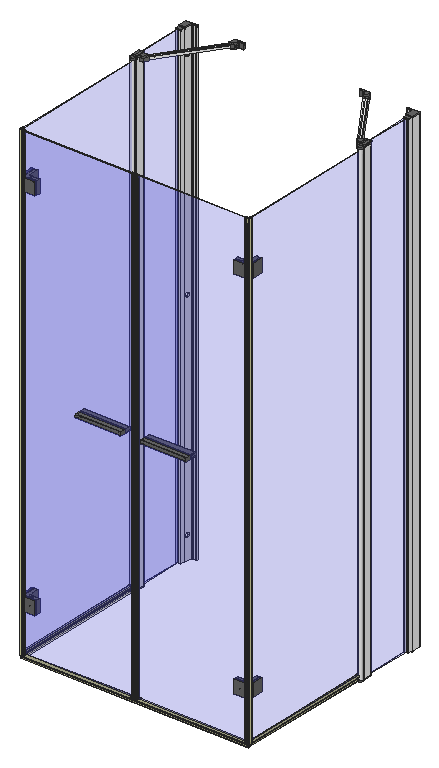
Revit family "D30", category Plumbing Fixtures, Revit 2016
Family settings
  Part Type = Normal
  Round Connector Dimension = Use Diameter
  OmniClass Number = 23.45.00.00
  OmniClass Title = Sanitary, Laundry, and Cleaning Equipment
  Work Plane-Based = No
  Always vertical = Yes
  Cut with Voids When Loaded = No
  Shared = No
  Room Calculation Point = No
Parameters (values of type "900x1000")
  Seal = Seal
  Model = "D30"
  A = 900 mm
  Chrome = Chrome
  A1 = A - A2  # 594 mm
  A2 = 306 mm
  URL = "www.sanswiss.com"
  Type Comments = ""
  Manufacturer = "SanSwiss"
  H = 2000 mm  # constant formula
  Glass = Glass
  Aluminium = Aluminum - Polished
  B = 1000 mm
Reference planes
  plane 1 "Center (Front/Back)": y = 0
  plane 2: z = 0
  plane 3 "Center (Left/Right)": x = -200
  plane 4 "right": x = 800
  plane 5: z = 2000
  plane 6 "góra": z = 1822.5
  plane 7 "hinge top": z = 1800
  plane 8 "ucięcie": z = 11.8
  plane 9 "hinge bottom": z = 213
  plane 10 "back": y = 900
  plane 11 "center back": y = 594
  plane 12: y = 843.5
  plane 13: y = 641.506
  plane 14: y = 595.509
  plane 15: y = 609.218
  plane 16 "middle": x = 300
  plane 17: x = 293
  plane 18: x = 307
  plane 19: x = -177.792
  plane 20: x = -168.004
  plane 21: y = 22.348
Forms (mm)
  Extrusion 1, solid, material "Glass" <- "Glass"
    sketch origin (0, 0, 1005) x (-1, 0, 0) y (0, -1, 0)
      loop
        line (-767.973, -27.218) -> (-307, -27.218) -> (-307, -21.218) -> (-767.973, -21.218) -> (-767.973, -27.218)
    from -992.5 to 979
  Extrusion 2, solid, material "Seal" <- "Seal"
    sketch origin (0, 0, 0) x (0, 1, 0) y (0, 0, 1)
      loop
        line (32.803, 0.14) -> (31.072, 14.907) -> (34.185, 14.113)
        arc (34.185, 14.113) -> (34.614, 14.916) -> (33.932, 15.519) r 0.735
        line (33.932, 15.519) -> (28.45, 16.918) -> (27.822, 24.426)
        arc (27.822, 24.426) -> (27.23, 24.932) -> (26.464, 25.067) r 1.479
        line (26.464, 25.067) -> (27.381, 14.11)
        arc (27.381, 14.11) -> (27.039, 13.284) -> (26.213, 12.942) r 1.167
        line (26.213, 12.942) -> (22.226, 12.942)
        arc (22.226, 12.942) -> (21.468, 13.257) -> (21.154, 14.015) r 1.072
        line (21.154, 14.015) -> (22.089, 24.886)
        arc (22.089, 24.886) -> (21.384, 25.062) -> (20.767, 24.678) r 0.932
        line (20.767, 24.678) -> (19.886, 14.139)
        arc (19.886, 14.139) -> (20.477, 12.433) -> (22.138, 11.724) r 2.23
        line (22.138, 11.724) -> (23.685, 11.724)
        arc (23.685, 11.724) -> (24.061, 10.492) -> (23.884, 9.217) r 2.991
        line (23.884, 9.217) -> (23.884, -0.076)
        arc (23.884, -0.076) -> (24.284, -0.476) -> (24.684, -0.076) r 0.4
        line (24.684, -0.076) -> (24.684, 9.147)
        arc (24.684, 9.147) -> (24.464, 10.463) -> (24.9, 11.724) r 2.7
        line (24.9, 11.724) -> (26.295, 11.724)
        arc (26.295, 11.724) -> (28.182, 12.615) -> (28.692, 14.639) r 2.443
        line (28.692, 14.639) -> (30.276, 14.824) -> (31.946, 0.578)
        arc (31.946, 0.578) -> (32.206, 0.029) -> (32.803, 0.14) r 0.498
    from -177.792 to 778
  Sweep 3, solid, material "Seal" <- "Seal"
    path origin (0, 0, -1003.327) x (1, 0, 0) y (0, 0, 1)
      loop
        line (800, 2987.327) -> (800, 1018.827)
    profile origin (800, 0, 999.75) x (0, -1, 0) y (1, 0, 0)
      loop
        line (-28.112, -32.548) -> (-27.579, -38.337)
        arc (-27.579, -38.337) -> (-27.134, -38.991) -> (-26.346, -39.056) r 0.917
        arc (-26.346, -39.056) -> (-25.984, -38.112) -> (-26.464, -37.221) r 1.213
        line (-26.464, -37.221) -> (-26.959, -32.027) -> (-20.298, -32.027) -> (-20.772, -37.108)
        arc (-20.772, -37.108) -> (-21.142, -38.041) -> (-21.247, -39.039) r 3.704
        arc (-21.247, -39.039) -> (-20.341, -38.995) -> (-19.677, -38.375) r 1.32
        line (-19.677, -38.375) -> (-19.115, -32.268)
        arc (-19.115, -32.268) -> (-19.167, -31.866) -> (-19.385, -31.524) r 0.927
        arc (-19.385, -31.524) -> (-17.968, -26.61) -> (-19.201, -21.647) r 9.87
        arc (-19.201, -21.647) -> (-20.315, -20.94) -> (-21.561, -21.374) r 1.516
        line (-21.561, -21.374) -> (-28.376, -28.189)
        arc (-28.376, -28.189) -> (-28.748, -28.865) -> (-28.741, -29.637) r 1.521
        arc (-28.741, -29.637) -> (-28.385, -30.607) -> (-27.87, -31.504) r 6.073
        arc (-27.87, -31.504) -> (-28.075, -32.006) -> (-28.112, -32.548) r 1.711
      loop
        line (-27.562, -30.839) -> (-19.548, -30.839)
        arc (-19.548, -30.839) -> (-18.408, -26.492) -> (-19.548, -22.144) r 8.864
        arc (-19.548, -22.144) -> (-20.558, -21.422) -> (-21.557, -22.159) r 1.057
        line (-21.557, -22.159) -> (-20.572, -23.143)
        arc (-20.572, -23.143) -> (-20.279, -23.85) -> (-20.572, -24.557) r 1
        line (-20.572, -24.557) -> (-24.108, -28.093)
        arc (-24.108, -28.093) -> (-24.815, -28.386) -> (-25.522, -28.093) r 1
        line (-25.522, -28.093) -> (-26.547, -27.067) -> (-28.023, -28.543)
        arc (-28.023, -28.543) -> (-28.298, -29.05) -> (-28.253, -29.625) r 1.016
        arc (-28.253, -29.625) -> (-27.953, -30.259) -> (-27.562, -30.839) r 4.64
      loop
        line (-20.572, -23.85) -> (-22.093, -22.33) -> (-26.335, -26.572) -> (-24.815, -28.093) -> (-20.572, -23.85)
  Sweep 4, solid, material "Seal" <- "Seal"
    path origin (800.182, 800.182, -1003.327) x (0, -1, 0) y (0, 0, -1)
      loop
        line (800, -2987.327) -> (800, -1018.827)
    profile origin (800.182, 0.182, 999.75) x (1, 0, 0) y (0, 1, 0)
      loop
        arc (-28.065, 32.557) -> (-28.029, 32.016) -> (-27.824, 31.513) r 1.711
        arc (-27.824, 31.513) -> (-28.339, 30.616) -> (-28.695, 29.646) r 6.073
        arc (-28.695, 29.646) -> (-28.702, 28.874) -> (-28.33, 28.199) r 1.521
        line (-28.33, 28.199) -> (-21.515, 21.384)
        arc (-21.515, 21.384) -> (-20.269, 20.949) -> (-19.155, 21.656) r 1.516
        arc (-19.155, 21.656) -> (-17.922, 26.62) -> (-19.339, 31.534) r 9.87
        arc (-19.339, 31.534) -> (-19.121, 31.875) -> (-19.069, 32.277) r 0.927
        line (-19.069, 32.277) -> (-19.631, 38.385)
        arc (-19.631, 38.385) -> (-20.295, 39.004) -> (-21.201, 39.048) r 1.32
        arc (-21.201, 39.048) -> (-21.096, 38.05) -> (-20.726, 37.117) r 3.704
        line (-20.726, 37.117) -> (-20.251, 32.036) -> (-26.913, 32.036) -> (-26.418, 37.231)
        arc (-26.418, 37.231) -> (-25.938, 38.121) -> (-26.3, 39.066) r 1.213
        arc (-26.3, 39.066) -> (-27.088, 39.001) -> (-27.533, 38.347) r 0.917
        line (-27.533, 38.347) -> (-28.065, 32.557)
      loop
        arc (-27.516, 30.849) -> (-27.907, 30.268) -> (-28.207, 29.635) r 4.64
        arc (-28.207, 29.635) -> (-28.252, 29.059) -> (-27.977, 28.552) r 1.016
        line (-27.977, 28.552) -> (-26.501, 27.077) -> (-25.476, 28.102)
        arc (-25.476, 28.102) -> (-24.769, 28.395) -> (-24.062, 28.102) r 1
        line (-24.062, 28.102) -> (-20.526, 24.566)
        arc (-20.526, 24.566) -> (-20.233, 23.859) -> (-20.526, 23.152) r 1
        line (-20.526, 23.152) -> (-21.511, 22.168)
        arc (-21.511, 22.168) -> (-20.511, 21.432) -> (-19.501, 22.153) r 1.057
        arc (-19.501, 22.153) -> (-18.362, 26.501) -> (-19.501, 30.849) r 8.864
        line (-19.501, 30.849) -> (-27.516, 30.849)
      loop
        line (-20.526, 23.859) -> (-24.769, 28.102) -> (-26.289, 26.582) -> (-22.047, 22.339) -> (-20.526, 23.859)
  Extrusion 5, solid, material "Glass" <- "Glass"
    sketch origin (800.182, 800.182, 1005) x (0, 1, 0) y (-1, 0, 0)
      loop
        line (-767.964, 27.182) -> (-767.964, 21.182) -> (-190.964, 21.182) -> (-190.964, 27.182) -> (-767.964, 27.182)
    from -992.5 to 979
  Extrusion 6, void
    sketch origin (803.583, 906.44, 0) x (0, -1, 0) y (0, 0, -1)
      loop
        line (893.116, -15.974) -> (869.658, -15.974) -> (869.658, -29.922) -> (893.116, -29.922) -> (893.116, -15.974)
    from -42.749 to -20.568
  Extrusion 7, void
    sketch origin (804.88, -4.196, 1000.61) x (-1, 0, 0) y (0, -1, 0)
      loop
        line (45.795, -45.3) -> (45.795, -14.703) -> (15.198, -14.703) -> (45.795, -45.3)
    from -1067.151 to -925.596
  Extrusion 8, void
    sketch origin (803.183, -3.402, 1000.61) x (0, 1, 0) y (-1, 0, 0)
      loop
        line (44.109, 43.521) -> (15.291, 14.703) -> (44.109, 14.703) -> (44.109, 43.521)
    from -1067.151 to -925.596
  Extrusion 9, solid, material "Seal" <- "Seal"
    sketch origin (800.182, 800.182, 0) x (-1, 0, 0) y (0, 0, -1)
      loop
        arc (32.675, -0.209) -> (32.079, -0.099) -> (31.819, -0.647) r 0.498
        line (31.819, -0.647) -> (30.148, -14.894) -> (28.564, -14.708)
        arc (28.564, -14.708) -> (28.054, -12.684) -> (26.167, -11.793) r 2.443
        line (26.167, -11.793) -> (24.772, -11.793)
        arc (24.772, -11.793) -> (24.336, -10.532) -> (24.557, -9.216) r 2.7
        line (24.557, -9.216) -> (24.557, 0.007)
        arc (24.557, 0.007) -> (24.157, 0.407) -> (23.757, 0.007) r 0.4
        line (23.757, 0.007) -> (23.757, -9.286)
        arc (23.757, -9.286) -> (23.933, -10.561) -> (23.557, -11.793) r 2.991
        line (23.557, -11.793) -> (22.011, -11.793)
        arc (22.011, -11.793) -> (20.349, -12.502) -> (19.758, -14.208) r 2.23
        line (19.758, -14.208) -> (20.64, -24.747)
        arc (20.64, -24.747) -> (21.257, -25.131) -> (21.962, -24.955) r 0.932
        line (21.962, -24.955) -> (21.026, -14.084)
        arc (21.026, -14.084) -> (21.34, -13.326) -> (22.098, -13.011) r 1.072
        line (22.098, -13.011) -> (26.086, -13.011)
        arc (26.086, -13.011) -> (26.911, -13.353) -> (27.253, -14.179) r 1.167
        line (27.253, -14.179) -> (26.336, -25.136)
        arc (26.336, -25.136) -> (27.103, -25.001) -> (27.694, -24.495) r 1.479
        line (27.694, -24.495) -> (28.322, -16.987) -> (33.804, -15.588)
        arc (33.804, -15.588) -> (34.486, -14.985) -> (34.058, -14.182) r 0.735
        line (34.058, -14.182) -> (30.944, -14.976) -> (32.675, -0.209)
    from 204.672 to 777.834
  Extrusion 10, solid, material "Glass" <- "Glass"
    sketch origin (801.378, 800, 1005) x (0, 1, 0) y (-1, 0, 0)
      loop
        line (-158.494, 28.482) -> (-158.494, 22.378) -> (43.5, 22.378) -> (43.5, 28.482) -> (-158.494, 28.482)
    from -1005 to 995
  Sweep 11, solid, material "Aluminum - Polished" <- "Aluminium"
    path origin (800, 800, 0) x (0, -1, 0) y (0, 0, -1)
      loop
        line (-100, -2000) -> (-100, 0)
    profile origin (800, 900, 1000) x (1, 0, 0) y (0, 1, 0)
      loop
        line (-57.9, -5.7) -> (-42.4, -5.7)
        arc (-42.4, -5.7) -> (-40.642, -6.058) -> (-39.164, -7.074) r 4.498
        arc (-39.164, -7.074) -> (-38.648, -7.686) -> (-38.035, -8.203) r 4.707
        arc (-38.035, -8.203) -> (-37.573, -8.558) -> (-37.4, -9.114) r 0.965
        line (-37.4, -9.114) -> (-37.4, -38.257)
        arc (-37.4, -38.257) -> (-37.007, -39.207) -> (-36.057, -39.6) r 1.343
        line (-36.057, -39.6) -> (-11.995, -39.6)
        arc (-11.995, -39.6) -> (-11.008, -39.192) -> (-10.6, -38.205) r 1.395
        line (-10.6, -38.205) -> (-10.6, -1.53)
        arc (-10.6, -1.53) -> (-11.048, -0.448) -> (-12.13, 0) r 1.53
        line (-12.13, 0) -> (-59.9, 0) -> (-59.9, -3.7)
        arc (-59.9, -3.7) -> (-59.314, -5.114) -> (-57.9, -5.7) r 2
  Sweep 12, solid, material "Aluminum - Polished" <- "Aluminium"
    path origin (800, 800, 0) x (0, -1, 0) y (0, 0, -1)
      loop
        line (-100, 0) -> (-100, -2000)
    profile origin (800, 900, 1000) x (0, -1, 0) y (1, 0, 0)
      loop
        line (39.6, -34.7) -> (54.477, -34.7)
        arc (54.477, -34.7) -> (55.907, -34.107) -> (56.5, -32.677) r 2.023
        line (56.5, -32.677) -> (56.5, -15.217)
        arc (56.5, -15.217) -> (55.939, -13.861) -> (54.583, -13.3) r 1.917
        line (54.583, -13.3) -> (39.6, -13.3) -> (39.6, -34.7)
  Revolve 13, solid, material "Aluminum - Polished" <- "Aluminium"
    sketch origin (800.654, 794.632, 100) x (0, 1, 0) y (-1, 0, 0)
      loop
        line (75.581, 38.054) -> (75.581, 43.93)
        arc (75.581, 43.93) -> (72.737, 43.712) -> (69.949, 43.112) r 21.12
        arc (69.949, 43.112) -> (68.896, 42.389) -> (68.49, 41.177) r 2.014
        line (68.49, 41.177) -> (68.49, 38.054) -> (75.581, 38.054)
      axis (75.581, 43.93) -> (75.581, 38.054)
    angle from 0 to 360
  Revolve 14, solid, material "Aluminum - Polished" <- "Aluminium"
    sketch origin (800.654, 794.632, 1900) x (0, 1, 0) y (-1, 0, 0)
      loop
        line (75.581, 38.054) -> (75.581, 43.93)
        arc (75.581, 43.93) -> (72.737, 43.712) -> (69.949, 43.112) r 21.12
        arc (69.949, 43.112) -> (68.896, 42.389) -> (68.49, 41.177) r 2.014
        line (68.49, 41.177) -> (68.49, 38.054) -> (75.581, 38.054)
      axis (75.581, 43.93) -> (75.581, 38.054)
    angle from 0 to 360
  Revolve 15, solid, material "Aluminum - Polished" <- "Aluminium"
    sketch origin (800.654, 794.632, 1000) x (0, 1, 0) y (-1, 0, 0)
      loop
        line (75.581, 38.054) -> (75.581, 43.93)
        arc (75.581, 43.93) -> (72.737, 43.712) -> (69.949, 43.112) r 21.12
        arc (69.949, 43.112) -> (68.896, 42.389) -> (68.49, 41.177) r 2.014
        line (68.49, 41.177) -> (68.49, 38.054) -> (75.581, 38.054)
      axis (75.581, 43.93) -> (75.581, 38.054)
    angle from 0 to 360
  Sweep 16, solid, material "Chrome" <- "Chrome"
    path origin (800, 800, 0) x (0, -1, 0) y (0, 0, -1)
      loop
        line (-100, -2000) -> (-100, -2003.5)
    profile origin (800, 900, 2001.75) x (0, -1, 0) y (1, 0, 0)
      loop
        line (0, -59.9) -> (3.7, -59.9)
        arc (3.7, -59.9) -> (5.114, -59.314) -> (5.7, -57.9) r 2
        line (5.7, -57.9) -> (5.7, -42.4)
        arc (5.7, -42.4) -> (6.058, -40.642) -> (7.074, -39.164) r 4.498
        arc (7.074, -39.164) -> (7.686, -38.648) -> (8.203, -38.035) r 4.707
        arc (8.203, -38.035) -> (8.558, -37.573) -> (9.114, -37.4) r 0.965
        line (9.114, -37.4) -> (38.257, -37.4)
        arc (38.257, -37.4) -> (39.207, -37.007) -> (39.6, -36.057) r 1.343
        line (39.6, -36.057) -> (39.6, -11.995)
        arc (39.6, -11.995) -> (39.192, -11.008) -> (38.205, -10.6) r 1.395
        line (38.205, -10.6) -> (1.53, -10.6)
        arc (1.53, -10.6) -> (0.448, -11.048) -> (0, -12.13) r 1.53
        line (0, -12.13) -> (0, -59.9)
  Sweep 17, solid, material "Chrome" <- "Chrome"
    path origin (800, 800, 0) x (0, -1, 0) y (0, 0, -1)
      loop
        line (-100, -2000) -> (-100, -2001.5)
    profile origin (800, 900, 2000.75) x (0, -1, 0) y (1, 0, 0)
      loop
        arc (54.977, -34.7) -> (56.407, -34.107) -> (57, -32.677) r 2.023
        line (57, -32.677) -> (57, -15.217)
        arc (57, -15.217) -> (56.439, -13.861) -> (55.083, -13.3) r 1.917
        line (55.083, -13.3) -> (39.6, -13.3) -> (39.6, -34.7) -> (54.977, -34.7)
  Sweep 18, solid, material "Chrome" <- "Chrome"
    path origin (800, 800, 0) x (0, -1, 0) y (0, 0, -1)
      loop
        line (206, -2000) -> (206, -1995.5)
    profile origin (800, 594, 1997.75) x (1, 0, 0) y (0, 1, 0)
      loop
        line (-20.904, 47.5) -> (-27.104, 47.5) -> (-27.104, 55.8)
        arc (-27.104, 55.8) -> (-27.28, 56.224) -> (-27.704, 56.4) r 0.6
        line (-27.704, 56.4) -> (-32.704, 56.4)
        arc (-32.704, 56.4) -> (-34.119, 55.814) -> (-34.704, 54.4) r 2
        line (-34.704, 54.4) -> (-34.704, 20.783)
        arc (-34.704, 20.783) -> (-34.12, 19.37) -> (-32.709, 18.783) r 2
        arc (-32.709, 18.783) -> (-32.259, 18.498) -> (-32.322, 17.968) r 0.5
        arc (-32.322, 17.968) -> (-34.091, 14.807) -> (-34.704, 11.237) r 10.7
        arc (-34.704, 11.237) -> (-24.004, 0.537) -> (-13.304, 11.237) r 10.7
        arc (-13.304, 11.237) -> (-13.918, 14.807) -> (-15.687, 17.968) r 10.7
        arc (-15.687, 17.968) -> (-15.75, 18.498) -> (-15.299, 18.783) r 0.5
        arc (-15.299, 18.783) -> (-13.888, 19.37) -> (-13.304, 20.783) r 2
        line (-13.304, 20.783) -> (-13.304, 54.4)
        arc (-13.304, 54.4) -> (-13.89, 55.814) -> (-15.304, 56.4) r 2
        line (-15.304, 56.4) -> (-20.304, 56.4)
        arc (-20.304, 56.4) -> (-20.729, 56.224) -> (-20.904, 55.8) r 0.6
        line (-20.904, 55.8) -> (-20.904, 47.5)
  Sweep 19, solid, material "Chrome" <- "Chrome"
    path origin (800, 800, 0) x (0, -1, 0) y (0, 0, -1)
      loop
        line (206, -4.5) -> (206, 0)
    profile origin (800, 594, 2.25) x (1, 0, 0) y (0, 1, 0)
      loop
        arc (-34.704, 20.783) -> (-34.12, 19.37) -> (-32.709, 18.783) r 2
        arc (-32.709, 18.783) -> (-32.259, 18.498) -> (-32.322, 17.968) r 0.5
        arc (-32.322, 17.968) -> (-34.091, 14.807) -> (-34.704, 11.237) r 10.7
        arc (-34.704, 11.237) -> (-24.004, 0.537) -> (-13.304, 11.237) r 10.7
        arc (-13.304, 11.237) -> (-13.918, 14.807) -> (-15.687, 17.968) r 10.7
        arc (-15.687, 17.968) -> (-15.75, 18.498) -> (-15.299, 18.783) r 0.5
        arc (-15.299, 18.783) -> (-13.888, 19.37) -> (-13.304, 20.783) r 2
        line (-13.304, 20.783) -> (-13.304, 54.4)
        arc (-13.304, 54.4) -> (-13.89, 55.814) -> (-15.304, 56.4) r 2
        line (-15.304, 56.4) -> (-20.304, 56.4)
        arc (-20.304, 56.4) -> (-20.729, 56.224) -> (-20.904, 55.8) r 0.6
        line (-20.904, 55.8) -> (-20.904, 47.5) -> (-27.104, 47.5) -> (-27.104, 55.8)
        arc (-27.104, 55.8) -> (-27.28, 56.224) -> (-27.704, 56.4) r 0.6
        line (-27.704, 56.4) -> (-32.704, 56.4)
        arc (-32.704, 56.4) -> (-34.119, 55.814) -> (-34.704, 54.4) r 2
        line (-34.704, 54.4) -> (-34.704, 20.783)
  Sweep 20, solid, material "Aluminum - Polished" <- "Aluminium"
    path origin (800, 800, 0) x (0, -1, 0) y (0, 0, -1)
      loop
        line (206, -4.5) -> (206, -1995.5)
    profile origin (800, 594, 1000) x (0, -1, 0) y (1, 0, 0)
      loop
        circle (-11.026, -24.001) r 9.266
  Sweep 21, solid, material "Aluminum - Polished" <- "Aluminium"
    path origin (800, 800, 0) x (0, -1, 0) y (0, 0, -1)
      loop
        line (206, -4.5) -> (206, -1995.5)
    profile origin (800, 594, 1000) x (0, -1, 0) y (1, 0, 0)
      loop
        arc (-20.827, -34.704) -> (-19.414, -34.12) -> (-18.827, -32.709) r 2
        arc (-18.827, -32.709) -> (-18.979, -31.644) -> (-19.43, -30.666) r 3.729
        arc (-19.43, -30.666) -> (-18.186, -31.48) -> (-16.797, -32.008) r 6.893
        arc (-16.797, -32.008) -> (-15.67, -31.925) -> (-14.595, -31.58) r 4.78
        arc (-14.595, -31.58) -> (-18.322, -30.328) -> (-20.981, -27.432) r 7.884
        line (-20.981, -27.432) -> (-20.981, -20.576)
        arc (-20.981, -20.576) -> (-18.322, -17.681) -> (-14.595, -16.429) r 7.884
        arc (-14.595, -16.429) -> (-15.67, -16.084) -> (-16.797, -16.001) r 4.78
        arc (-16.797, -16.001) -> (-18.186, -16.529) -> (-19.43, -17.343) r 6.893
        arc (-19.43, -17.343) -> (-18.979, -16.365) -> (-18.827, -15.299) r 3.729
        arc (-18.827, -15.299) -> (-19.414, -13.888) -> (-20.827, -13.304) r 2
        line (-20.827, -13.304) -> (-54.4, -13.304)
        arc (-54.4, -13.304) -> (-55.814, -13.89) -> (-56.4, -15.304) r 2
        line (-56.4, -15.304) -> (-56.4, -20.304)
        arc (-56.4, -20.304) -> (-56.224, -20.729) -> (-55.8, -20.904) r 0.6
        line (-55.8, -20.904) -> (-47.5, -20.904) -> (-47.5, -27.104) -> (-55.8, -27.104)
        arc (-55.8, -27.104) -> (-56.224, -27.28) -> (-56.4, -27.704) r 0.6
        line (-56.4, -27.704) -> (-56.4, -32.704)
        arc (-56.4, -32.704) -> (-55.814, -34.119) -> (-54.4, -34.704) r 2
        line (-54.4, -34.704) -> (-20.827, -34.704)
  Extrusion 22, void
    sketch origin (827.004, 906.44, 0) x (0, -1, 0) y (0, 0, -1)
      loop
        line (893.116, -15.974) -> (866.934, -15.974) -> (866.934, -29.922) -> (893.116, -29.922) -> (893.116, -15.974)
    from -63.15 to -42.004
  Sweep 23, solid, material "Seal" <- "Seal"
    path origin (0, 0, 0) x (1, 0, 0) y (0, 0, 1)
      loop
        line (300, 16) -> (300, 1984)
    profile origin (300, 0, 1000) x (-1, 0, 0) y (0, -1, 0)
      loop
        line (8.316, -28.699) -> (13.301, -27.977)
        arc (13.301, -27.977) -> (13.974, -27.512) -> (14.011, -26.695) r 0.92
        arc (14.011, -26.695) -> (13.079, -26.444) -> (12.256, -26.949) r 1.22
        line (12.256, -26.949) -> (8.143, -27.512)
        arc (8.143, -27.512) -> (7.348, -27.275) -> (7, -26.522) r 1.007
        line (7, -26.522) -> (7, -21.922)
        arc (7, -21.922) -> (7.348, -21.169) -> (8.143, -20.932) r 1.007
        line (8.143, -20.932) -> (12.256, -21.494)
        arc (12.256, -21.494) -> (13.079, -22) -> (14.011, -21.749) r 1.22
        arc (14.011, -21.749) -> (13.974, -20.932) -> (13.301, -20.467) r 0.92
        line (13.301, -20.467) -> (8.316, -19.745)
        arc (8.316, -19.745) -> (7.755, -19.734) -> (7.209, -19.861) r 2.261
        arc (7.209, -19.861) -> (5.189, -18.226) -> (2.637, -17.729) r 5.376
        arc (2.637, -17.729) -> (0.79, -18.431) -> (0, -20.243) r 2.549
        arc (0, -20.243) -> (-0.79, -18.431) -> (-2.637, -17.729) r 2.549
        arc (-2.637, -17.729) -> (-5.189, -18.226) -> (-7.209, -19.861) r 5.376
        arc (-7.209, -19.861) -> (-7.755, -19.734) -> (-8.316, -19.745) r 2.261
        line (-8.316, -19.745) -> (-13.301, -20.467)
        arc (-13.301, -20.467) -> (-13.974, -20.932) -> (-14.011, -21.749) r 0.92
        arc (-14.011, -21.749) -> (-13.079, -22) -> (-12.256, -21.494) r 1.22
        line (-12.256, -21.494) -> (-8.143, -20.932)
        arc (-8.143, -20.932) -> (-7.348, -21.169) -> (-7, -21.922) r 1.007
        line (-7, -21.922) -> (-7, -26.522)
        arc (-7, -26.522) -> (-7.348, -27.275) -> (-8.143, -27.512) r 1.007
        line (-8.143, -27.512) -> (-12.256, -26.949)
        arc (-12.256, -26.949) -> (-13.079, -26.444) -> (-14.011, -26.695) r 1.22
        arc (-14.011, -26.695) -> (-13.974, -27.512) -> (-13.301, -27.977) r 0.92
        line (-13.301, -27.977) -> (-8.316, -28.699)
        arc (-8.316, -28.699) -> (-7.755, -28.71) -> (-7.209, -28.583) r 2.261
        arc (-7.209, -28.583) -> (-5.189, -30.218) -> (-2.637, -30.715) r 5.376
        arc (-2.637, -30.715) -> (-0.79, -30.013) -> (0, -28.201) r 2.549
        arc (0, -28.201) -> (0.79, -30.013) -> (2.637, -30.715) r 2.549
        arc (2.637, -30.715) -> (5.189, -30.218) -> (7.209, -28.583) r 5.376
        arc (7.209, -28.583) -> (7.755, -28.71) -> (8.316, -28.699) r 2.261
      loop
        arc (5.8, -21.922) -> (5.774, -21.129) -> (6.139, -20.426) r 1.566
        arc (6.139, -20.426) -> (6.455, -20.104) -> (6.342, -19.667) r 0.459
        arc (6.342, -19.667) -> (4.771, -18.584) -> (2.9, -18.206) r 4.764
        arc (2.9, -18.206) -> (1.346, -18.612) -> (0.527, -19.994) r 2.112
        arc (0.527, -19.994) -> (0.566, -20.486) -> (1, -20.722) r 0.518
        line (1, -20.722) -> (2.1, -20.722)
        arc (2.1, -20.722) -> (2.666, -20.956) -> (2.9, -21.522) r 0.8
        line (2.9, -21.522) -> (2.9, -26.922)
        arc (2.9, -26.922) -> (2.666, -27.488) -> (2.1, -27.722) r 0.8
        line (2.1, -27.722) -> (1, -27.722)
        arc (1, -27.722) -> (0.566, -27.958) -> (0.527, -28.45) r 0.518
        arc (0.527, -28.45) -> (1.346, -29.832) -> (2.9, -30.238) r 2.112
        arc (2.9, -30.238) -> (4.771, -29.86) -> (6.342, -28.777) r 4.764
        arc (6.342, -28.777) -> (6.455, -28.34) -> (6.139, -28.018) r 0.459
        arc (6.139, -28.018) -> (5.774, -27.315) -> (5.8, -26.522) r 1.566
        line (5.8, -26.522) -> (5.8, -21.922)
      loop
        line (2.4, -27.222) -> (2.4, -21.222) -> (0.3, -21.222) -> (0.3, -27.222) -> (2.4, -27.222)
      loop
        line (-5.8, -21.922) -> (-5.8, -26.522)
        arc (-5.8, -26.522) -> (-5.774, -27.315) -> (-6.139, -28.018) r 1.566
        arc (-6.139, -28.018) -> (-6.455, -28.34) -> (-6.342, -28.777) r 0.459
        arc (-6.342, -28.777) -> (-4.771, -29.86) -> (-2.9, -30.238) r 4.764
        arc (-2.9, -30.238) -> (-1.346, -29.832) -> (-0.527, -28.45) r 2.112
        arc (-0.527, -28.45) -> (-0.566, -27.958) -> (-1, -27.722) r 0.518
        line (-1, -27.722) -> (-2.1, -27.722)
        arc (-2.1, -27.722) -> (-2.666, -27.488) -> (-2.9, -26.922) r 0.8
        line (-2.9, -26.922) -> (-2.9, -21.522)
        arc (-2.9, -21.522) -> (-2.666, -20.956) -> (-2.1, -20.722) r 0.8
        line (-2.1, -20.722) -> (-1, -20.722)
        arc (-1, -20.722) -> (-0.566, -20.486) -> (-0.527, -19.994) r 0.518
        arc (-0.527, -19.994) -> (-1.346, -18.612) -> (-2.9, -18.206) r 2.112
        arc (-2.9, -18.206) -> (-4.771, -18.584) -> (-6.342, -19.667) r 4.764
        arc (-6.342, -19.667) -> (-6.455, -20.104) -> (-6.139, -20.426) r 0.459
        arc (-6.139, -20.426) -> (-5.774, -21.129) -> (-5.8, -21.922) r 1.566
      loop
        line (-2.4, -27.222) -> (-0.3, -27.222) -> (-0.3, -21.222) -> (-2.4, -21.222) -> (-2.4, -27.222)
  Sweep 24, solid, material "Seal" <- "Seal"
    path origin (0, 0, 0) x (1, 0, 0) y (0, 0, 1)
      loop
        line (-177.792, 1984) -> (-177.792, 16)
    profile origin (-177.792, 0, 1000) x (0, -1, 0) y (1, 0, 0)
      loop
        arc (-28.112, 10.309) -> (-28.075, 9.768) -> (-27.87, 9.265) r 1.711
        arc (-27.87, 9.265) -> (-28.385, 8.369) -> (-28.741, 7.398) r 6.073
        arc (-28.741, 7.398) -> (-28.748, 6.627) -> (-28.376, 5.951) r 1.521
        arc (-28.376, 5.951) -> (-29.052, 6.323) -> (-29.824, 6.315) r 1.521
        arc (-29.824, 6.315) -> (-30.794, 5.96) -> (-31.691, 5.445) r 6.073
        arc (-31.691, 5.445) -> (-32.194, 5.649) -> (-32.735, 5.686) r 1.711
        line (-32.735, 5.686) -> (-38.525, 5.153)
        arc (-38.525, 5.153) -> (-39.179, 4.708) -> (-39.244, 3.92) r 0.917
        arc (-39.244, 3.92) -> (-38.299, 3.558) -> (-37.409, 4.038) r 1.213
        line (-37.409, 4.038) -> (-32.214, 4.533) -> (-32.214, -2.128) -> (-37.295, -1.654)
        arc (-37.295, -1.654) -> (-38.228, -1.284) -> (-39.226, -1.178) r 3.704
        arc (-39.226, -1.178) -> (-39.182, -2.085) -> (-38.563, -2.749) r 1.32
        line (-38.563, -2.749) -> (-32.455, -3.311)
        arc (-32.455, -3.311) -> (-32.053, -3.259) -> (-31.712, -3.04) r 0.927
        arc (-31.712, -3.04) -> (-26.798, -4.457) -> (-21.834, -3.225) r 9.87
        arc (-21.834, -3.225) -> (-21.127, -2.11) -> (-21.561, -0.864) r 1.516
        arc (-21.561, -0.864) -> (-20.315, -1.298) -> (-19.201, -0.592) r 1.516
        arc (-19.201, -0.592) -> (-17.968, 4.372) -> (-19.385, 9.286) r 9.87
        arc (-19.385, 9.286) -> (-19.167, 9.627) -> (-19.115, 10.029) r 0.927
        line (-19.115, 10.029) -> (-19.677, 16.137)
        arc (-19.677, 16.137) -> (-20.341, 16.756) -> (-21.247, 16.801) r 1.32
        arc (-21.247, 16.801) -> (-21.142, 15.803) -> (-20.772, 14.87) r 3.704
        line (-20.772, 14.87) -> (-20.298, 9.788) -> (-26.959, 9.788) -> (-26.464, 14.983)
        arc (-26.464, 14.983) -> (-25.984, 15.873) -> (-26.346, 16.818) r 1.213
        arc (-26.346, 16.818) -> (-27.134, 16.753) -> (-27.579, 16.099) r 0.917
        line (-27.579, 16.099) -> (-28.112, 10.309)
      loop
        arc (-27.562, 8.601) -> (-27.953, 8.02) -> (-28.253, 7.387) r 4.64
        arc (-28.253, 7.387) -> (-28.298, 6.811) -> (-28.023, 6.304) r 1.016
        line (-28.023, 6.304) -> (-26.547, 4.829) -> (-25.522, 5.854)
        arc (-25.522, 5.854) -> (-24.815, 6.147) -> (-24.108, 5.854) r 1
        line (-24.108, 5.854) -> (-20.572, 2.319)
        arc (-20.572, 2.319) -> (-20.279, 1.611) -> (-20.572, 0.904) r 1
        line (-20.572, 0.904) -> (-21.557, -0.08)
        arc (-21.557, -0.08) -> (-20.558, -0.816) -> (-19.548, -0.095) r 1.057
        arc (-19.548, -0.095) -> (-18.408, 4.253) -> (-19.548, 8.601) r 8.864
        line (-19.548, 8.601) -> (-27.562, 8.601)
      loop
        line (-20.572, 1.611) -> (-24.815, 5.854) -> (-26.335, 4.334) -> (-22.093, 0.091) -> (-20.572, 1.611)
      loop
        line (-31.027, 5.136) -> (-31.027, -2.878)
        arc (-31.027, -2.878) -> (-26.679, -4.018) -> (-22.331, -2.878) r 8.864
        arc (-22.331, -2.878) -> (-21.61, -1.868) -> (-22.346, -0.869) r 1.057
        line (-22.346, -0.869) -> (-23.33, -1.853)
        arc (-23.33, -1.853) -> (-24.037, -2.146) -> (-24.744, -1.853) r 1
        line (-24.744, -1.853) -> (-28.28, 1.682)
        arc (-28.28, 1.682) -> (-28.573, 2.389) -> (-28.28, 3.096) r 1
        line (-28.28, 3.096) -> (-27.255, 4.122) -> (-28.73, 5.597)
        arc (-28.73, 5.597) -> (-29.237, 5.873) -> (-29.813, 5.827) r 1.016
        arc (-29.813, 5.827) -> (-30.446, 5.528) -> (-31.027, 5.136) r 4.64
      loop
        line (-24.037, -1.853) -> (-22.517, -0.333) -> (-26.76, 3.91) -> (-28.28, 2.389) -> (-24.037, -1.853)
  Extrusion 25, solid, material "Glass" <- "Glass"
    sketch origin (-160, 0, 1005) x (-1, 0, 0) y (0, -1, 0)
      loop
        line (-453, -27.218) -> (8.004, -27.218) -> (8.004, -21.218) -> (-453, -21.218) -> (-453, -27.218)
    from -992.5 to 979
  Sweep 26, void
    path origin (0, 0, 0) x (1, 0, 0) y (0, 0, 1)
      loop
        line (300, 16) -> (300, 33.522)
    profile origin (300, 0, 24.761) x (-1, 0, 0) y (0, -1, 0)
      loop
        line (-15.292, -36.166) -> (15.292, -36.166) -> (15.292, -15.606) -> (-15.292, -15.606) -> (-15.292, -36.166)
  Sweep 27, solid, material "Seal" <- "Seal"
    path origin (400, 0, -1003.327) x (-1, 0, 0) y (0, 0, -1)
      loop
        line (600, -2987.327) -> (600, -1018.827)
    profile origin (-200, 0, 999.75) x (0, -1, 0) y (1, 0, 0)
      loop
        arc (-28.112, 32.548) -> (-28.075, 32.006) -> (-27.87, 31.504) r 1.711
        arc (-27.87, 31.504) -> (-28.385, 30.607) -> (-28.741, 29.637) r 6.073
        arc (-28.741, 29.637) -> (-28.748, 28.865) -> (-28.376, 28.189) r 1.521
        line (-28.376, 28.189) -> (-21.561, 21.374)
        arc (-21.561, 21.374) -> (-20.315, 20.94) -> (-19.201, 21.647) r 1.516
        arc (-19.201, 21.647) -> (-17.968, 26.61) -> (-19.385, 31.524) r 9.87
        arc (-19.385, 31.524) -> (-19.167, 31.866) -> (-19.115, 32.268) r 0.927
        line (-19.115, 32.268) -> (-19.677, 38.375)
        arc (-19.677, 38.375) -> (-20.341, 38.995) -> (-21.247, 39.039) r 1.32
        arc (-21.247, 39.039) -> (-21.142, 38.041) -> (-20.772, 37.108) r 3.704
        line (-20.772, 37.108) -> (-20.298, 32.027) -> (-26.959, 32.027) -> (-26.464, 37.221)
        arc (-26.464, 37.221) -> (-25.984, 38.112) -> (-26.346, 39.056) r 1.213
        arc (-26.346, 39.056) -> (-27.134, 38.991) -> (-27.579, 38.337) r 0.917
        line (-27.579, 38.337) -> (-28.112, 32.548)
      loop
        arc (-27.562, 30.839) -> (-27.953, 30.259) -> (-28.253, 29.625) r 4.64
        arc (-28.253, 29.625) -> (-28.298, 29.05) -> (-28.023, 28.543) r 1.016
        line (-28.023, 28.543) -> (-26.547, 27.067) -> (-25.522, 28.093)
        arc (-25.522, 28.093) -> (-24.815, 28.386) -> (-24.108, 28.093) r 1
        line (-24.108, 28.093) -> (-20.572, 24.557)
        arc (-20.572, 24.557) -> (-20.279, 23.85) -> (-20.572, 23.143) r 1
        line (-20.572, 23.143) -> (-21.557, 22.159)
        arc (-21.557, 22.159) -> (-20.558, 21.422) -> (-19.548, 22.144) r 1.057
        arc (-19.548, 22.144) -> (-18.408, 26.492) -> (-19.548, 30.839) r 8.864
        line (-19.548, 30.839) -> (-27.562, 30.839)
      loop
        line (-20.572, 23.85) -> (-24.815, 28.093) -> (-26.335, 26.572) -> (-22.093, 22.33) -> (-20.572, 23.85)
  Sweep 28, solid, material "Seal" <- "Seal"
    path origin (-200, 0, 0) x (0, 1, 0) y (0, 0, 1)
      loop
        line (0.182, 1984) -> (0.182, 15.5)
    profile origin (-200, 0.182, 999.75) x (1, 0, 0) y (0, 1, 0)
      loop
        line (28.065, 32.557) -> (27.533, 38.347)
        arc (27.533, 38.347) -> (27.088, 39.001) -> (26.3, 39.066) r 0.917
        arc (26.3, 39.066) -> (25.938, 38.121) -> (26.418, 37.231) r 1.213
        line (26.418, 37.231) -> (26.913, 32.036) -> (20.251, 32.036) -> (20.726, 37.117)
        arc (20.726, 37.117) -> (21.096, 38.05) -> (21.201, 39.048) r 3.704
        arc (21.201, 39.048) -> (20.295, 39.004) -> (19.631, 38.385) r 1.32
        line (19.631, 38.385) -> (19.069, 32.277)
        arc (19.069, 32.277) -> (19.121, 31.875) -> (19.339, 31.534) r 0.927
        arc (19.339, 31.534) -> (17.922, 26.62) -> (19.155, 21.656) r 9.87
        arc (19.155, 21.656) -> (20.269, 20.949) -> (21.515, 21.384) r 1.516
        line (21.515, 21.384) -> (28.33, 28.199)
        arc (28.33, 28.199) -> (28.702, 28.874) -> (28.695, 29.646) r 1.521
        arc (28.695, 29.646) -> (28.339, 30.616) -> (27.824, 31.513) r 6.073
        arc (27.824, 31.513) -> (28.029, 32.016) -> (28.065, 32.557) r 1.711
      loop
        line (27.516, 30.849) -> (19.501, 30.849)
        arc (19.501, 30.849) -> (18.362, 26.501) -> (19.501, 22.153) r 8.864
        arc (19.501, 22.153) -> (20.511, 21.432) -> (21.511, 22.168) r 1.057
        line (21.511, 22.168) -> (20.526, 23.152)
        arc (20.526, 23.152) -> (20.233, 23.859) -> (20.526, 24.566) r 1
        line (20.526, 24.566) -> (24.062, 28.102)
        arc (24.062, 28.102) -> (24.769, 28.395) -> (25.476, 28.102) r 1
        line (25.476, 28.102) -> (26.501, 27.077) -> (27.977, 28.552)
        arc (27.977, 28.552) -> (28.252, 29.059) -> (28.207, 29.635) r 1.016
        arc (28.207, 29.635) -> (27.907, 30.268) -> (27.516, 30.849) r 4.64
      loop
        line (20.526, 23.859) -> (22.047, 22.339) -> (26.289, 26.582) -> (24.769, 28.102) -> (20.526, 23.859)
  Extrusion 29, solid, material "Glass" <- "Glass"
    sketch origin (-401.378, 800, 1005) x (0, 1, 0) y (-1, 0, 0)
      loop
        line (-158.494, -228.378) -> (43.5, -228.378) -> (43.5, -222.378) -> (-158.494, -222.378) -> (-158.494, -228.378)
    from -1005 to 995
  Sweep 30, solid, material "Aluminum - Polished" <- "Aluminium"
    path origin (-200, 0, 0) x (0, 1, 0) y (0, 0, 1)
      loop
        line (900, 2000) -> (900, 0)
    profile origin (-200, 900, 1000) x (1, 0, 0) y (0, 1, 0)
      loop
        arc (57.9, -5.7) -> (59.314, -5.114) -> (59.9, -3.7) r 2
        line (59.9, -3.7) -> (59.9, 0) -> (12.13, 0)
        arc (12.13, 0) -> (11.048, -0.448) -> (10.6, -1.53) r 1.53
        line (10.6, -1.53) -> (10.6, -38.205)
        arc (10.6, -38.205) -> (11.008, -39.192) -> (11.995, -39.6) r 1.395
        line (11.995, -39.6) -> (36.057, -39.6)
        arc (36.057, -39.6) -> (37.007, -39.207) -> (37.4, -38.257) r 1.343
        line (37.4, -38.257) -> (37.4, -9.114)
        arc (37.4, -9.114) -> (37.573, -8.558) -> (38.035, -8.203) r 0.965
        arc (38.035, -8.203) -> (38.648, -7.686) -> (39.164, -7.074) r 4.707
        arc (39.164, -7.074) -> (40.642, -6.058) -> (42.4, -5.7) r 4.498
        line (42.4, -5.7) -> (57.9, -5.7)
  Sweep 31, solid, material "Aluminum - Polished" <- "Aluminium"
    path origin (-200, 0, 0) x (0, 1, 0) y (0, 0, 1)
      loop
        line (900, 0) -> (900, 2000)
    profile origin (-200, 900, 1000) x (0, -1, 0) y (1, 0, 0)
      loop
        line (39.6, 34.7) -> (39.6, 13.3) -> (54.583, 13.3)
        arc (54.583, 13.3) -> (55.939, 13.861) -> (56.5, 15.217) r 1.917
        line (56.5, 15.217) -> (56.5, 32.677)
        arc (56.5, 32.677) -> (55.907, 34.107) -> (54.477, 34.7) r 2.023
        line (54.477, 34.7) -> (39.6, 34.7)
  Revolve 32, solid, material "Aluminum - Polished" <- "Aluminium"
    sketch origin (-400.654, 794.632, 100) x (0, 1, 0) y (-1, 0, 0)
      loop
        line (75.581, -238.054) -> (68.49, -238.054) -> (68.49, -241.177)
        arc (68.49, -241.177) -> (68.896, -242.389) -> (69.949, -243.112) r 2.014
        arc (69.949, -243.112) -> (72.737, -243.712) -> (75.581, -243.93) r 21.12
        line (75.581, -243.93) -> (75.581, -238.054)
      axis (75.581, -243.93) -> (75.581, -238.054)
    angle from 0 to 360
  Revolve 33, solid, material "Aluminum - Polished" <- "Aluminium"
    sketch origin (-400.654, 794.632, 1900) x (0, 1, 0) y (-1, 0, 0)
      loop
        line (75.581, -238.054) -> (68.49, -238.054) -> (68.49, -241.177)
        arc (68.49, -241.177) -> (68.896, -242.389) -> (69.949, -243.112) r 2.014
        arc (69.949, -243.112) -> (72.737, -243.712) -> (75.581, -243.93) r 21.12
        line (75.581, -243.93) -> (75.581, -238.054)
      axis (75.581, -243.93) -> (75.581, -238.054)
    angle from 0 to 360
  Revolve 34, solid, material "Aluminum - Polished" <- "Aluminium"
    sketch origin (-400.654, 794.632, 1000) x (0, 1, 0) y (-1, 0, 0)
      loop
        line (75.581, -238.054) -> (68.49, -238.054) -> (68.49, -241.177)
        arc (68.49, -241.177) -> (68.896, -242.389) -> (69.949, -243.112) r 2.014
        arc (69.949, -243.112) -> (72.737, -243.712) -> (75.581, -243.93) r 21.12
        line (75.581, -243.93) -> (75.581, -238.054)
      axis (75.581, -243.93) -> (75.581, -238.054)
    angle from 0 to 360
  Sweep 35, solid, material "Chrome" <- "Chrome"
    path origin (-200, 0, 0) x (0, 1, 0) y (0, 0, 1)
      loop
        line (900, 2000) -> (900, 2003.5)
    profile origin (-200, 900, 2001.75) x (0, -1, 0) y (1, 0, 0)
      loop
        line (0, 59.9) -> (0, 12.13)
        arc (0, 12.13) -> (0.448, 11.048) -> (1.53, 10.6) r 1.53
        line (1.53, 10.6) -> (38.205, 10.6)
        arc (38.205, 10.6) -> (39.192, 11.008) -> (39.6, 11.995) r 1.395
        line (39.6, 11.995) -> (39.6, 36.057)
        arc (39.6, 36.057) -> (39.207, 37.007) -> (38.257, 37.4) r 1.343
        line (38.257, 37.4) -> (9.114, 37.4)
        arc (9.114, 37.4) -> (8.558, 37.573) -> (8.203, 38.035) r 0.965
        arc (8.203, 38.035) -> (7.686, 38.648) -> (7.074, 39.164) r 4.707
        arc (7.074, 39.164) -> (6.058, 40.642) -> (5.7, 42.4) r 4.498
        line (5.7, 42.4) -> (5.7, 57.9)
        arc (5.7, 57.9) -> (5.114, 59.314) -> (3.7, 59.9) r 2
        line (3.7, 59.9) -> (0, 59.9)
  Sweep 36, solid, material "Chrome" <- "Chrome"
    path origin (-200, 0, 0) x (0, 1, 0) y (0, 0, 1)
      loop
        line (900, 2000) -> (900, 2001.5)
    profile origin (-200, 900, 2000.75) x (0, -1, 0) y (1, 0, 0)
      loop
        line (54.977, 34.7) -> (39.6, 34.7) -> (39.6, 13.3) -> (55.083, 13.3)
        arc (55.083, 13.3) -> (56.439, 13.861) -> (57, 15.217) r 1.917
        line (57, 15.217) -> (57, 32.677)
        arc (57, 32.677) -> (56.407, 34.107) -> (54.977, 34.7) r 2.023
  Sweep 37, solid, material "Chrome" <- "Chrome"
    path origin (-200, 0, 0) x (0, 1, 0) y (0, 0, 1)
      loop
        line (594, 2000) -> (594, 1995.5)
    profile origin (-200, 594, 1997.75) x (1, 0, 0) y (0, 1, 0)
      loop
        line (20.904, 47.5) -> (20.904, 55.8)
        arc (20.904, 55.8) -> (20.729, 56.224) -> (20.304, 56.4) r 0.6
        line (20.304, 56.4) -> (15.304, 56.4)
        arc (15.304, 56.4) -> (13.89, 55.814) -> (13.304, 54.4) r 2
        line (13.304, 54.4) -> (13.304, 20.783)
        arc (13.304, 20.783) -> (13.888, 19.37) -> (15.299, 18.783) r 2
        arc (15.299, 18.783) -> (15.75, 18.498) -> (15.687, 17.968) r 0.5
        arc (15.687, 17.968) -> (13.918, 14.807) -> (13.304, 11.237) r 10.7
        arc (13.304, 11.237) -> (24.004, 0.537) -> (34.704, 11.237) r 10.7
        arc (34.704, 11.237) -> (34.091, 14.807) -> (32.322, 17.968) r 10.7
        arc (32.322, 17.968) -> (32.259, 18.498) -> (32.709, 18.783) r 0.5
        arc (32.709, 18.783) -> (34.12, 19.37) -> (34.704, 20.783) r 2
        line (34.704, 20.783) -> (34.704, 54.4)
        arc (34.704, 54.4) -> (34.119, 55.814) -> (32.704, 56.4) r 2
        line (32.704, 56.4) -> (27.704, 56.4)
        arc (27.704, 56.4) -> (27.28, 56.224) -> (27.104, 55.8) r 0.6
        line (27.104, 55.8) -> (27.104, 47.5) -> (20.904, 47.5)
  Sweep 38, solid, material "Chrome" <- "Chrome"
    path origin (-200, 0, 0) x (0, 1, 0) y (0, 0, 1)
      loop
        line (594, 4.5) -> (594, 0)
    profile origin (-200, 594, 2.25) x (1, 0, 0) y (0, 1, 0)
      loop
        line (34.704, 20.783) -> (34.704, 54.4)
        arc (34.704, 54.4) -> (34.119, 55.814) -> (32.704, 56.4) r 2
        line (32.704, 56.4) -> (27.704, 56.4)
        arc (27.704, 56.4) -> (27.28, 56.224) -> (27.104, 55.8) r 0.6
        line (27.104, 55.8) -> (27.104, 47.5) -> (20.904, 47.5) -> (20.904, 55.8)
        arc (20.904, 55.8) -> (20.729, 56.224) -> (20.304, 56.4) r 0.6
        line (20.304, 56.4) -> (15.304, 56.4)
        arc (15.304, 56.4) -> (13.89, 55.814) -> (13.304, 54.4) r 2
        line (13.304, 54.4) -> (13.304, 20.783)
        arc (13.304, 20.783) -> (13.888, 19.37) -> (15.299, 18.783) r 2
        arc (15.299, 18.783) -> (15.75, 18.498) -> (15.687, 17.968) r 0.5
        arc (15.687, 17.968) -> (13.918, 14.807) -> (13.304, 11.237) r 10.7
        arc (13.304, 11.237) -> (24.004, 0.537) -> (34.704, 11.237) r 10.7
        arc (34.704, 11.237) -> (34.091, 14.807) -> (32.322, 17.968) r 10.7
        arc (32.322, 17.968) -> (32.259, 18.498) -> (32.709, 18.783) r 0.5
        arc (32.709, 18.783) -> (34.12, 19.37) -> (34.704, 20.783) r 2
  Sweep 39, solid, material "Aluminum - Polished" <- "Aluminium"
    path origin (-200, 0, 0) x (0, 1, 0) y (0, 0, 1)
      loop
        line (594, 1995.5) -> (594, 4.5)
    profile origin (-200, 594, 1000) x (1, 0, 0) y (0, 1, 0)
      loop
        circle (24.001, 10.977) r 9.266
  Sweep 40, solid, material "Aluminum - Polished" <- "Aluminium"
    path origin (-200, 0, 0) x (0, 1, 0) y (0, 0, 1)
      loop
        line (594, 4.5) -> (594, 1995.5)
    profile origin (-200, 594, 1000) x (0, -1, 0) y (1, 0, 0)
      loop
        line (-20.827, 34.704) -> (-54.4, 34.704)
        arc (-54.4, 34.704) -> (-55.814, 34.119) -> (-56.4, 32.704) r 2
        line (-56.4, 32.704) -> (-56.4, 27.704)
        arc (-56.4, 27.704) -> (-56.224, 27.28) -> (-55.8, 27.104) r 0.6
        line (-55.8, 27.104) -> (-47.5, 27.104) -> (-47.5, 20.904) -> (-55.8, 20.904)
        arc (-55.8, 20.904) -> (-56.224, 20.729) -> (-56.4, 20.304) r 0.6
        line (-56.4, 20.304) -> (-56.4, 15.304)
        arc (-56.4, 15.304) -> (-55.814, 13.89) -> (-54.4, 13.304) r 2
        line (-54.4, 13.304) -> (-20.827, 13.304)
        arc (-20.827, 13.304) -> (-19.414, 13.888) -> (-18.827, 15.299) r 2
        arc (-18.827, 15.299) -> (-18.979, 16.365) -> (-19.43, 17.343) r 3.729
        arc (-19.43, 17.343) -> (-18.186, 16.529) -> (-16.797, 16.001) r 6.893
        arc (-16.797, 16.001) -> (-15.67, 16.084) -> (-14.595, 16.429) r 4.78
        arc (-14.595, 16.429) -> (-18.322, 17.681) -> (-20.981, 20.576) r 7.884
        line (-20.981, 20.576) -> (-20.981, 27.432)
        arc (-20.981, 27.432) -> (-18.322, 30.328) -> (-14.595, 31.58) r 7.884
        arc (-14.595, 31.58) -> (-15.67, 31.925) -> (-16.797, 32.008) r 4.78
        arc (-16.797, 32.008) -> (-18.186, 31.48) -> (-19.43, 30.666) r 6.893
        arc (-19.43, 30.666) -> (-18.979, 31.644) -> (-18.827, 32.709) r 3.729
        arc (-18.827, 32.709) -> (-19.414, 34.12) -> (-20.827, 34.704) r 2
  Sweep 41, solid, material "Seal" <- "Seal"
    path origin (0, 0, 0) x (1, 0, 0) y (0, 1, 0)
      loop
        line (-200, 595.509) -> (-200, 22.348)
    profile origin (-200, 308.929, 0) x (1, 0, 0) y (0, 0, 1)
      loop
        line (32.576, 0.209) -> (30.845, 14.976) -> (33.958, 14.182)
        arc (33.958, 14.182) -> (34.387, 14.985) -> (33.704, 15.588) r 0.735
        line (33.704, 15.588) -> (28.223, 16.987) -> (27.595, 24.495)
        arc (27.595, 24.495) -> (27.003, 25.001) -> (26.237, 25.136) r 1.479
        line (26.237, 25.136) -> (27.153, 14.179)
        arc (27.153, 14.179) -> (26.811, 13.353) -> (25.986, 13.011) r 1.167
        line (25.986, 13.011) -> (21.999, 13.011)
        arc (21.999, 13.011) -> (21.24, 13.326) -> (20.926, 14.084) r 1.072
        line (20.926, 14.084) -> (21.862, 24.955)
        arc (21.862, 24.955) -> (21.157, 25.131) -> (20.54, 24.747) r 0.932
        line (20.54, 24.747) -> (19.659, 14.208)
        arc (19.659, 14.208) -> (20.25, 12.502) -> (21.911, 11.793) r 2.23
        line (21.911, 11.793) -> (23.458, 11.793)
        arc (23.458, 11.793) -> (23.833, 10.561) -> (23.657, 9.286) r 2.991
        line (23.657, 9.286) -> (23.657, -0.007)
        arc (23.657, -0.007) -> (24.057, -0.407) -> (24.457, -0.007) r 0.4
        line (24.457, -0.007) -> (24.457, 9.216)
        arc (24.457, 9.216) -> (24.236, 10.532) -> (24.673, 11.793) r 2.7
        line (24.673, 11.793) -> (26.068, 11.793)
        arc (26.068, 11.793) -> (27.955, 12.684) -> (28.464, 14.708) r 2.443
        line (28.464, 14.708) -> (30.049, 14.894) -> (31.719, 0.647)
        arc (31.719, 0.647) -> (31.979, 0.099) -> (32.576, 0.209) r 0.498
  Sweep 42, solid, material "Glass" <- "Glass"
    path origin (0, 0, 0) x (1, 0, 0) y (0, 1, 0)
      loop
        line (-200, 32.218) -> (-200, 609.218)
    profile origin (-200, 320.718, 0) x (-1, 0, 0) y (0, 0, 1)
      loop
        line (-21, 13) -> (-21, 1984) -> (-27, 1984) -> (-27, 13) -> (-21, 13)
  Sweep 43, void
    path origin (0, 0, 0) x (1, 0, 0) y (0, 0, 1)
      loop
        line (-200, 15.5) -> (-200, 36.813)
    profile origin (-200, 0, 26.156) x (-1, 0, 0) y (0, -1, 0)
      loop
        line (-18.286, -35.527) -> (-18.286, -14.346) -> (-39.208, -14.346) -> (-39.208, -35.527) -> (-18.286, -35.527)
  Sweep 44, void
    path origin (0, 0, 0) x (1, 0, 0) y (0, 0, 1)
      loop
        line (-200, 16) -> (-200, 34.001)
    profile origin (-200, 0, 25.001) x (-1, 0, 0) y (0, -1, 0)
      loop
        line (-35.243, -39.426) -> (-15.243, -39.426) -> (-15.243, -19.426) -> (-35.243, -19.426) -> (-35.243, -39.426)
  Sweep 45, void
    path origin (0, 0, 0) x (1, 0, 0) y (0, 0, 1)
      loop
        line (-200, 28.834) -> (-200, -7.732)
    profile origin (-200, 0, 10.551) x (0, -1, 0) y (1, 0, 0)
      loop
        line (-16.948, 16.032) -> (-38.161, 37.245) -> (-38.161, 16.032) -> (-16.948, 16.032)
  Sweep 46, void
    path origin (-200, 0, 0) x (0, 1, 0) y (0, 0, 1)
      loop
        line (0.05, 28.834) -> (0.05, -7.732)
    profile origin (-200, 0.05, 10.551) x (1, 0, 0) y (0, 1, 0)
      loop
        line (16.948, 16.032) -> (38.161, 16.032) -> (38.161, 37.245) -> (16.948, 16.032)
Cuts and joins
  Extrusion 6, Extrusion 8, Extrusion 22, Sweep 26, Sweep 43, Sweep 45 cuts Extrusion 2
  Extrusion 7, Extrusion 22 cuts Extrusion 9
  Sweep 44, Sweep 46 cuts Sweep 41
  Sweep 46 cuts Sweep 42
Dimensions and locks
  "B": plane 3 "Center (Left/Right)" to plane 4 "right"
  "H": plane 5 to level
  "A2": plane 10 "back" to plane 11 "center back"
  "A1": plane 11 "center back" to plane 1 "Center (Front/Back)"
  locked: plane 10 "back" to plane 12 at 56.5
  plane 14 to plane 11 "center back" = 1.509 mm
  locked: plane 13 to plane 11 "center back" at 47.506
  locked: plane 15 to plane 11 "center back" at 15.218
  locked: nested 2 to plane 10 "back" at 0.5
  equal spacing: plane 3 "Center (Left/Right)", plane 16 "middle", plane 4 "right"
  plane 17 to plane 16 "middle" to plane 18 = 7 mm locked, 7 mm locked
  locked: plane 16 "middle" to nested 1 at 41.942
  locked: nested 5 to plane 16 "middle" at 41.942
  locked: plane 3 "Center (Left/Right)" to nested 7 at 42.1  (x2)
  locked: plane 3 "Center (Left/Right)" to plane 19 at 22.208
  locked: plane 3 "Center (Left/Right)" to plane 20 at 31.996
  locked: plane 3 "Center (Left/Right)" to nested 6 at 42.1
  locked: plane 1 "Center (Front/Back)" to plane 21 at 22.348
  locked: plane 3 "Center (Left/Right)" to nested 8 at 1.544
  aligned and locked: level to plane 2
  aligned and locked: Sweep 3 sketch curve to plane 4 "right"
  aligned and locked: plane 12 to Extrusion 10
  aligned and locked: Extrusion 10 to plane 13
  aligned and locked: plane 15 to Extrusion 5
  aligned and locked: Extrusion 1 to plane 18
  aligned and locked: cut or joined group of Extrusion 2, Extrusion 6, Extrusion 8, Extrusion 22, Sweep 26, Sweep 43, Sweep 45 to plane 19
  aligned and locked: Extrusion 25 to plane 20
  aligned and locked: plane 17 to Extrusion 25
  aligned and locked: Extrusion 29 to plane 12
  aligned and locked: plane 13 to Extrusion 29
  aligned and locked: nested 2 to nested 8
  aligned and locked: cut or joined group of Extrusion 7, Extrusion 9, Extrusion 22 to plane 14
Automatic sketch dimensions
  Extrusion 1 sketch curve to plane 18 = 0 mm
  plane 21 to Extrusion 1 sketch curve = 4.87 mm
  Extrusion 1 sketch curve to plane 4 "right" = 32.027 mm
  Extrusion 1 sketch curve to plane 21 = 1.13 mm
  Extrusion 2 sketch curve to plane 21 = 2.462 mm
  Extrusion 2 sketch curve to plane 21 = 1.581 mm
  Extrusion 2 sketch curve to plane 21 = 1.269 mm
  Extrusion 2 sketch curve to plane 21 = 1.194 mm
  Extrusion 2 sketch curve to plane 21 = 0.819 mm
  Extrusion 2 sketch curve to plane 21 = 0.259 mm
  Extrusion 2 sketch curve to plane 21 = 0.24 mm
  Extrusion 2 sketch curve to plane 8 "ucięcie" = 0.076 mm  (x2)
  Extrusion 2 sketch curve to plane 21 = 0.21 mm
  Extrusion 2 sketch curve to plane 21 = 0.122 mm
  plane 21 to Extrusion 2 sketch curve = 1.337 mm
  Extrusion 2 sketch curve to level = 0.076 mm
  plane 21 to Extrusion 2 sketch curve = 1.536 mm
  Extrusion 2 sketch curve to Extrusion 2 sketch curve = 0.4 mm
  Extrusion 2 sketch curve to Extrusion 2 sketch curve = 1.215 mm
  Extrusion 2 sketch curve to Extrusion 2 sketch curve = 1.314 mm
  Extrusion 2 sketch curve to Extrusion 2 sketch curve = 0.082 mm
  plane 21 to Extrusion 2 sketch curve = 4.116 mm
  Extrusion 2 sketch curve to Extrusion 2 sketch curve = 0.136 mm
  Extrusion 2 sketch curve to Extrusion 2 sketch curve = 0.859 mm
  plane 8 "ucięcie" to Extrusion 2 sketch curve = 2.31 mm
  Extrusion 2 sketch curve to Extrusion 2 sketch curve = 1.085 mm
  Extrusion 2 sketch curve to Extrusion 2 sketch curve = 1.223 mm
  Extrusion 2 sketch curve to Extrusion 2 sketch curve = 1.07 mm
  plane 8 "ucięcie" to Extrusion 2 sketch curve = 2.839 mm
  Extrusion 2 sketch curve to Extrusion 2 sketch curve = 1.311 mm
  Extrusion 2 sketch curve to Extrusion 2 sketch curve = 1.585 mm
  plane 8 "ucięcie" to Extrusion 2 sketch curve = 3.107 mm
  Extrusion 2 sketch curve to Extrusion 2 sketch curve = 0.796 mm
  level to Extrusion 2 sketch curve = 0.578 mm
  Extrusion 2 sketch curve to Extrusion 2 sketch curve = 7.262 mm
  Extrusion 2 sketch curve to Extrusion 2 sketch curve = 0.487 mm
  level to Extrusion 2 sketch curve = 0.14 mm
  Extrusion 2 sketch curve to Extrusion 2 sketch curve = 0.37 mm
  Extrusion 2 sketch curve to Extrusion 2 sketch curve = 2.819 mm
  plane 8 "ucięcie" to Extrusion 2 sketch curve = 3.719 mm
  Extrusion 2 sketch curve to Extrusion 2 sketch curve = 0.041 mm
  plane 8 "ucięcie" to Extrusion 2 sketch curve = 2.313 mm
  Extrusion 2 sketch curve to Extrusion 2 sketch curve = 0.294 mm
  Extrusion 2 sketch curve to Extrusion 2 sketch curve = 2.577 mm
  Extrusion 2 sketch curve to Extrusion 2 sketch curve = 0.07 mm
  Extrusion 2 sketch curve to Extrusion 2 sketch curve = 0.061 mm
  Extrusion 2 sketch curve to Extrusion 2 sketch curve = 2.279 mm
  Extrusion 2 sketch curve to Extrusion 2 sketch curve = 6.677 mm
  Extrusion 2 sketch curve to Extrusion 2 sketch curve = 0.546 mm
  Extrusion 2 sketch curve to Extrusion 2 sketch curve = 0.832 mm
  Extrusion 2 sketch curve to Extrusion 2 sketch curve = 0.537 mm
  plane 8 "ucięcie" to Sweep 3 sketch curve = 3.7 mm
  Sweep 3 sketch curve to plane 5 = 16 mm
  Sweep 3 sketch curve to profile plane = 28.376 mm
  Sweep 3 sketch curve to Sweep 3 sketch curve = 0.265 mm
  Sweep 3 sketch curve to Sweep 3 sketch curve = 0.354 mm  (x2)
  Sweep 3 sketch curve to Sweep 3 sketch curve = 0.54 mm
  Sweep 3 sketch curve to Sweep 3 sketch curve = 0.533 mm
  Sweep 3 sketch curve to Sweep 3 sketch curve = 0.55 mm
  Sweep 3 sketch curve to Sweep 3 sketch curve = 0.718 mm  (x2)
  Sweep 3 sketch curve to Sweep 3 sketch curve = 0.031 mm
  Sweep 3 sketch curve to Sweep 3 sketch curve = 0.565 mm
  Sweep 3 sketch curve to Sweep 3 sketch curve = 0.385 mm
  Sweep 3 sketch curve to Sweep 3 sketch curve = 1.153 mm
  Sweep 3 sketch curve to Sweep 3 sketch curve = 0.522 mm
  Sweep 3 sketch curve to Sweep 3 sketch curve = 0.724 mm
  Sweep 3 sketch curve to Sweep 3 sketch curve = 0.208 mm
  Sweep 3 sketch curve to Sweep 3 sketch curve = 0.551 mm  (x2)
  Sweep 3 sketch curve to Sweep 3 sketch curve = 0.212 mm
  Sweep 3 sketch curve to Sweep 3 sketch curve = 1.025 mm  (x2)
  Sweep 3 sketch curve to Sweep 3 sketch curve = 0.707 mm  (x8)
  Sweep 3 sketch curve to Sweep 3 sketch curve = 0.187 mm
  Sweep 3 sketch curve to Sweep 3 sketch curve = 1.039 mm
  Sweep 3 sketch curve to Sweep 3 sketch curve = 2.722 mm
  Sweep 3 sketch curve to Sweep 3 sketch curve = 0.531 mm
  Sweep 3 sketch curve to Sweep 3 sketch curve = 0.536 mm
  Sweep 3 sketch curve to Sweep 3 sketch curve = 0.277 mm
  Sweep 3 sketch curve to Sweep 3 sketch curve = 5.61 mm
  Sweep 3 sketch curve to Sweep 3 sketch curve = 0.083 mm
  Sweep 3 sketch curve to Sweep 3 sketch curve = 0.023 mm
  Sweep 3 sketch curve to Sweep 3 sketch curve = 0.06 mm
  Sweep 3 sketch curve to Sweep 3 sketch curve = 2.584 mm
  Sweep 3 sketch curve to Sweep 3 sketch curve = 0.26 mm
  Sweep 3 sketch curve to Sweep 3 sketch curve = 1.178 mm
  Sweep 3 sketch curve to Sweep 3 sketch curve = 0.75 mm
  Sweep 3 sketch curve to Sweep 3 sketch curve = 0.923 mm
  Sweep 3 sketch curve to Sweep 3 sketch curve = 2.132 mm
  profile plane to Sweep 3 sketch curve = 38.926 mm
  Sweep 3 sketch curve to Sweep 3 sketch curve = 0.038 mm
  Sweep 3 sketch curve to Sweep 3 sketch curve = 0.139 mm
  Sweep 3 sketch curve to Sweep 3 sketch curve = 0.148 mm
  Sweep 3 sketch curve to Sweep 3 sketch curve = 0.596 mm
  Sweep 3 sketch curve to Sweep 3 sketch curve = 0.978 mm
  Sweep 3 sketch curve to Sweep 3 sketch curve = 0.671 mm
  Sweep 3 sketch curve to Sweep 3 sketch curve = 4.673 mm
  Sweep 3 sketch curve to Sweep 3 sketch curve = 0.157 mm
  Sweep 3 sketch curve to Sweep 3 sketch curve = 4.841 mm
  Sweep 3 sketch curve to Sweep 3 sketch curve = 0.085 mm
  Sweep 3 sketch curve to Sweep 3 sketch curve = 0.156 mm
  Sweep 3 sketch curve to Sweep 3 sketch curve = 1.188 mm
  Sweep 3 sketch curve to Sweep 3 sketch curve = 1.578 mm
  Sweep 3 sketch curve to Sweep 3 sketch curve = 0.025 mm
  Sweep 3 sketch curve to Sweep 3 sketch curve = 1.144 mm
  Sweep 3 sketch curve to Sweep 3 sketch curve = 0 mm  (x3)
  Sweep 3 sketch curve to Sweep 3 sketch curve = 0.052 mm
  Sweep 3 sketch curve to Sweep 3 sketch curve = 0.13 mm
  Sweep 3 sketch curve to Sweep 3 sketch curve = 0.495 mm
  Sweep 3 sketch curve to Sweep 3 sketch curve = 0.576 mm
  Sweep 3 sketch curve to Sweep 3 sketch curve = 0.065 mm
  Sweep 3 sketch curve to Sweep 3 sketch curve = 0.664 mm
  Sweep 3 sketch curve to Sweep 3 sketch curve = 0.033 mm
